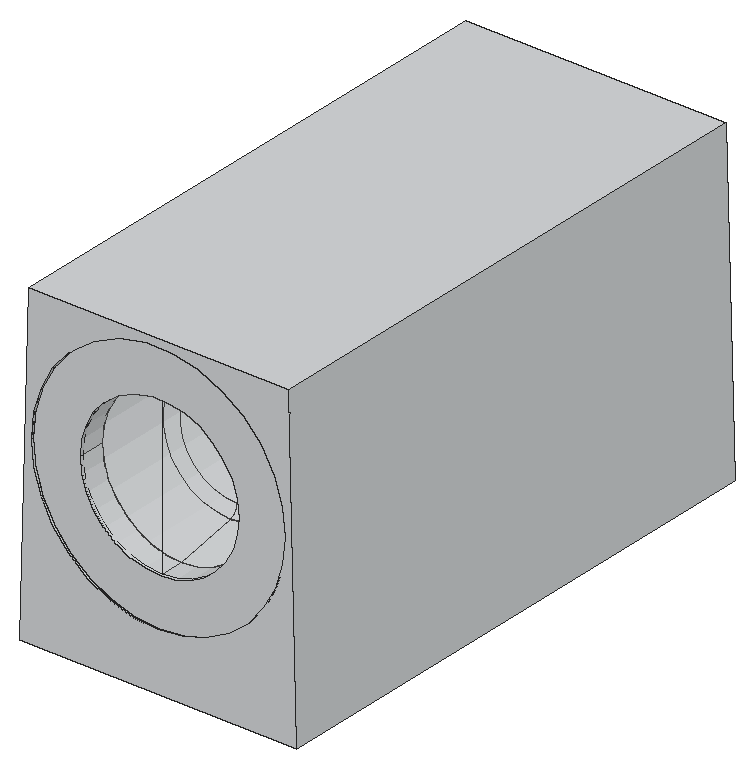
Revit family "Lighting_Outside_Nordlux_Canto-2_2-Maxi-Kubi", category Lighting Fixtures, host Face, Revit 2018
Family settings
  Host = Face
  Round Connector Dimension = Use Diameter
  Part Type = Normal
  OmniClass Number = 23.80.70.00
  Cut with Voids When Loaded = No
  Light Source = Yes
  Shared = No
  Room Calculation Point = No
Parameters (values of type "Canto Maxi Kubi 2 - grey")
  Wattage = 3.36605 W
  WarrantyStartDate [instance] = "n/a"
  WarrantyGuarantorParts = "n/a"
  WarrantyGuarantorLabor = "n/a"
  WarrantyDurationUnit = "Hours"
  WarrantyDurationParts = "n/a"
  WarrantyDurationLabor = "n/a"
  WarrantyDescription = "n/a"
  built-in parameter 1150110 = 1 (stored number, unit not read)
  VersionDate = "01/07/2020"  # constant formula
  Version = "1"  # constant formula
  UsageCurrent = 0 A
  Uniclass2015Reference = "Pr_70_70_48_85"
  Uniclass2015Description = "Surface luminaires"
  Uniclass2 = "Pr_70_70_48_85"
  URL = "https://www.nordlux.com/products/product/49731010"
  Type Comments = ""
  TotalWattage = 56 W
  built-in parameter 1114217 = 1 (stored number, unit not read)
  Tilt Angle = 90.00°
  built-in parameter 1150109 = 1 (stored number, unit not read)
  built-in parameter 1150134 = (empty or 0)
  TagNumber [instance] = "n/a"
  SustainabilityPerformance = "n/a"
  built-in parameter 1150113 = 1 (stored number, unit not read)
  Socket = "GU10"
  Size = "85x100x170 mm"
  Shape = "Sculptured"
  SerialNumber [instance] = "n/a"
  Revision = "1"  # constant formula
  ReplacementCost = "n/a"
  ProductInformation = "Canto Kubi Maxi provides a unique lighting experience, where light flows both up and down. The cubic design exudes Scandinavian minimalism and makes the lamp both decorative and sculptural. Canto Kubi Maxi can be connected in parallel to multiple lamps, making the lamp extremely functional."
  Product data url = "https://www.bimobject.com/nordlux/product/canto_maxi_kubi_2_wall"
  Photometric Web File = "4972 Canto maxi 2.ies"
  PhaseReference = "n/a"
  PhaseAngle = 0.00°
  NumberOfSources = 0
  NumberOfPoles = 1
  NominalWidth = 87.1 mm
  NominalVoltageCalc = 0 V
  NominalVoltage = 230 V
  NominalLength = 172 mm
  NominalHeight = 100 mm
  NominalFrequencyRange = 50 Hz
  NominalCurrent = 0 A
  Name = "Nordlux_Canto-2_2-Maxi-Kubi"
  NBSReference = "90-60-50/405"
  NBSDescription = "General purpose luminaires"
  ModelReference = ArticleNumber  # "49731010"
  ModelNumber = "n/a"
  Model = "Canto Maxi Kubi 2 - grey"
  Material = "Aluminium"
  ManufacturersSpecificInformation = "n/a"
  ManufacturerURL = "https://www.nordlux.com/"
  ManufacturerName = "Nordlux"
  Manufacturer = "Nordlux"
  MaintenanceFactor = 0
  built-in parameter 1150105 = 39.789 (stored number, unit not read)
  Lumens = 500 lm
  built-in parameter 1150115 = 1 (stored number, unit not read)
  LightSource = "Not included"
  LightFixturePlacingType = "Wall"
  LightFixtureMountingType = "Surface"
  LightFixtureMainMaterial = Aluminum
  built-in parameter 1150137 = (empty or 0)
  built-in parameter 1150139 = (empty or 0)
  LensMaterial = Glass
  built-in parameter 1150112 = 1 (stored number, unit not read)
  built-in parameter 1150114 = 1 (stored number, unit not read)
  InsulationStandardClass = "Class 1 (Earth contact)"
  InstallationDate [instance] = "n/a"
  built-in parameter 1150132 = 2
  built-in parameter 1150102 = (empty or 0)
  built-in parameter 1150107 = 2700 (stored number, unit not read)
  built-in parameter 1150138 = (empty or 0)
  built-in parameter 1150106 = 0.39789 (stored number, unit not read)
  IfcExportType = "NOTDEFINED"  # constant formula
  IfcExportAs = "IfcLightFixtureType"  # constant formula
  IP_Code = "IP44"
  HasProtectiveEarth = no
  Grade = "n/a"
  Finish = "n/a"
  Features = "Parallel connection possible"
  ExpectedLife = "n/a"
  EnergyClass = "D - A++"
  Emit from Circle Diameter = 50 mm
  Emit Shape Visible in Rendering = no
  ElectricalDeviceNominalPower = 0
  built-in parameter 1150104 = 13.8 (stored number, unit not read)
  EANNumber = "5701581476189"
  DurationUnit = "Hours"
  Dimming Lamp Color Temperature Shift = <None>
  Designer = "Bonnelycke MDD"
  Description = "Canto Kubi Maxi provides a unique lighting experience, where light flows both up and down. The cubic design exudes Scandinavian minimalism and makes the lamp both decorative and sculptural. Canto Kubi Maxi can be connected in parallel to multiple lamps, making the lamp extremely functional."
  Default Elevation = 0 mm
  ConvergoRefNr = "0143-1909-0048-DK"
  Constituents = "n/a"
  Color Filter = 16777215
  Color = "Grey"
  CodePerformance = "n/a"
  Category = "Outdoor lighting"
  Brand = "n/a"
  Barcode [instance] = "n/a"
  built-in parameter 1114218 = 1 (stored number, unit not read)
  BIMObjectName = "Lighting_Outside_Nordlux_Canto-2_2-Maxi-Kubi"
  Author = "Convergo AB"  # constant formula
  built-in parameter 1150133 = 10 (stored number, unit not read)
  AssetType = "Fixed"
  AssetIdentifier [instance] = "n/a"
  ArticleNumber = "49731010"
  AccessibilityPerformance = "n/a"
Types (5, lengths in mm): name | URL | Photometric Web File | ModelReference | Model | Material | LightFixtureMainMaterial | Finish | EANNumber | Color | ArticleNumber
  (no name) | "https://www.nordlux.com/products/product/49731010" | "4972 Canto maxi 2.ies" | "49731010" | "Canto Maxi Kubi 2 - grey" | "Aluminium" | Aluminum | "n/a" | "5701581476189" | "Grey" | "49731010"
  Canto Maxi Kubi 2 - black | "https://www.nordlux.com/products/product/49731003" | "7757 Canto Væg Hvid No mask.ies" | "49731003" | "Canto Maxi Kubi 2 - black" | "Aluminium" | Black | "n/a" | "5701581484085" | "Black" | "49731003"
  Canto Maxi Kubi 2 - white | "https://www.nordlux.com/products/product/49731001" | "7757 Canto Væg Hvid No mask.ies" | "49731001" | "Canto Maxi Kubi 2 - white" | "Aluminium" | White | "n/a" | "5701581476080" | "White" | "49731001"
  Canto Maxi Kubi 2 - grey | "https://www.nordlux.com/products/product/49731010" | "4972 Canto maxi 2.ies" | "49731010" | "Canto Maxi Kubi 2 - grey" | "Aluminium" | Aluminum | "n/a" | "5701581476189" | "Grey" | "49731010"
  Canto Maxi Kubi 2 - galvanized steel | "https://www.nordlux.com/products/product/49731031" | "7757 Canto Væg Hvid No mask.ies" | "49731031" | "Canto Maxi Kubi 2 - galvanized steel" | "Steel" | Steel, Galvanized | "Galvanized steel" | "5701581485785" | "Grey" | "49731031"
Reference planes
  plane 1 "Center (Front/Back)": y = 0
  plane 2: z = 0
  plane 3 "Center (Left/Right)": x = 0
  plane 4: y = 86
  plane 5: y = -86
  plane 6: z = 100
  plane 7: x = 43.55
  plane 8: x = -43.55
Dimensions and locks
  equal spacing: plane 8, plane 3 "Center (Left/Right)", plane 7
  equal spacing: plane 4, plane 1 "Center (Front/Back)", plane 5
  "NominalLength": plane 4 to plane 5
  "NominalWidth": plane 8 to plane 7
  "NominalHeight": plane 6 to level
  aligned and locked: plane 2 to host face
  aligned and locked: level to host face
Automatic sketch dimensions
  host sketch curve to host sketch curve = 2438.4 mm  (x2)
Nested families
  nested 1: "Canto 2 kubi maxi" at (0, 0, 0), Main <- "LightFixtureMainMaterial", type "Canto 2 kubi maxi"
    with Main Aluminum
Connectors
  electrical at (0, 0, 0.001), driven by "NominalVoltage"
    settings: on nested 1, index 1, voltage 230 V, apparent load 0 VA, apparent load phase1 0 VA, apparent load phase2 0 VA, apparent load phase3 0 VA, power factor 1, load classification "Other", number of poles 1, system type 31, power factor state 1, is connector primary yes, connector utility no, sub classification motor no, connector description ""
Definition of nested family "Canto 2 kubi maxi"
  Parameters (values of type "Canto 2 kubi maxi")
    Main [instance] = none
    Default Elevation = 1219.2 mm
  Reference planes
    plane 1 "Center (Front/Back)": y = 0
    plane 2: z = 0
    plane 3 "Center (Left/Right)": x = 0
    plane 4: x = -43.519
    plane 5: x = 43.519
    plane 6: z = 100
    plane 7: y = 86
    plane 8: y = -86
  Forms (mm)
    Extrusion 1, solid
      sketch origin (0, 0, 0) x (1, 0, 0) y (0, 1, 0)
        loop
          line (-1219.2, 1219.2) -> (-1219.2, -1219.2) -> (1219.2, -1219.2) -> (1219.2, 1219.2) -> (-1219.2, 1219.2)
      from 0 to -304.8
    Extrusion 2, solid, material <- "Main", detail levels medium+fine
      sketch origin (0, 0, 0) x (1, 0, 0) y (0, 0, 1)
        loop
          line (-40.94, 100) -> (-43.558, 0.001) -> (43.558, 0.001) -> (40.94, 100) -> (-40.94, 100)
        loop
          circle (0, 58.024) r 39.948
      from -86 to 86
    Extrusion 3, solid, material <- "Main", detail levels medium+fine
      sketch origin (0, -33, 0) x (1, 0, 0) y (0, 0, 1)
        loop
          circle (0, 58.024) r 39.948
        loop
          circle (0, 58.024) r 25
      from 43.999 to 52.5
    Extrusion 4, solid, material <- "Main", detail levels medium+fine
      sketch origin (0, 33, 0) x (1, 0, 0) y (0, 0, -1)
        loop
          circle (0, -58.024) r 39.948
        loop
          circle (0, -58.024) r 25
      from 43.999 to 52.5
    Revolve 5, solid, detail levels medium+fine
      sketch origin (0, -33, 0) x (0, 1, 0) y (0, 0, 1)
        loop
          arc (-22, 76.039) -> (-22.751, 78.129) -> (-24.659, 79.265) r 3.286
          line (-24.659, 79.265) -> (-43.999, 83.024) -> (-51.522, 83.024) -> (-51.522, 58.024) -> (-22, 58.024) -> (-22, 76.039)
        axis (-51.522, 58.024) -> (-22, 58.024)
      angle from 0 to 360
    Revolve 6, solid, detail levels medium+fine
      sketch origin (0, 33, 0) x (0, -1, 0) y (0, 0, 1)
        loop
          arc (-22, 76.039) -> (-22.751, 78.129) -> (-24.659, 79.265) r 3.286
          line (-24.659, 79.265) -> (-43.999, 83.024) -> (-51.522, 83.024) -> (-51.522, 58.024) -> (-22, 58.024) -> (-22, 76.039)
        axis (-51.522, 58.024) -> (-22, 58.024)
      angle from 0 to 360
    Extrusion 7, solid, material <- "Main", detail levels coarse
      sketch origin (0, 0, 0) x (1, 0, 0) y (0, 1, 0)
        loop
          line (-43.519, 86) -> (-43.519, -86) -> (43.519, -86) -> (43.519, 86) -> (-43.519, 86)
      from 0 to 100
  Lines and regions (mm)
    symbolic lines, detail levels medium+fine
      curve 1: line (-43.519, 86, 0) -> (43.519, 86, 0)
      curve 2: line (-43.519, -86, 0) -> (-43.519, 86, 0)
      curve 3: line (43.519, -86, 0) -> (-43.519, -86, 0)
      curve 4: line (43.519, 86, 0) -> (43.519, -86, 0)
      curve 5: line (0, 86, 100) -> (0, -86, 100)
      curve 6: line (0, 86, 0) -> (0, 86, 100)
      curve 7: line (0, -86, 0) -> (0, 86, 0)
      curve 8: line (0, -86, 100) -> (0, -86, 0)
      curve 9: line (-40.94, 0, 100) -> (-43.558, 0, 0.001)
      curve 10: line (43.558, 0, 0.001) -> (40.94, 0, 100)
      curve 15: line (-40.94, 0, 100) -> (40.94, 0, 100)
    symbolic lines, detail levels fine
      curve 11: circle (0, 0, 58.024) r 25 normal (0, -1, 0)
      curve 12: circle (0, 0, 58.024) r 39.948 normal (0, -1, 0)
      curve 13: line (-40.9, -86, 0) -> (-40.9, 86, 0)
      curve 14: line (40.9, 86, 0) -> (40.9, -86, 0)
  Dimensions and locks
    aligned and locked: plane 2 to Extrusion 1
    aligned and locked: level to Extrusion 1
